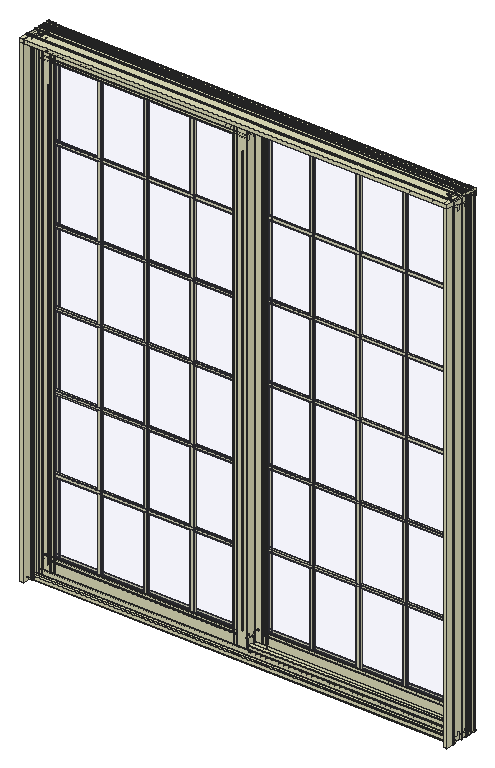
Revit family (continued)
Automatic sketch dimensions
  Opening 1 sketch curve to level = 0' - 0"
  Opening 1 sketch curve to plane 3 "Left" = 0' - 0"
  Opening 1 sketch curve to plane 4 "Right" = 0' - 0"
  Opening 1 sketch curve to plane 6 "Head" = 0' - 0"
  Sweep 1 sketch curve to level = 0' - 0"
  Sweep 1 sketch curve to plane 6 "Head" = 0' - 0"
  Sweep 1 sketch curve to Sweep 1 sketch curve = 0' - 0"  (x22)
  Sweep 1 sketch curve to profile plane = 0' - 0"  (x4)
  profile plane to Sweep 1 sketch curve = 0' - 0.02"  (x2)
  profile plane to Sweep 1 sketch curve = 0' - 0.025"
  profile plane to Sweep 1 sketch curve = 0' - 0.02858"
  profile plane to Sweep 1 sketch curve = 0' - 0.03318"  (x2)
  Sweep 1 sketch curve to Sweep 1 sketch curve = 0' - 0.01249"
  profile plane to Sweep 1 sketch curve = 0' - 0.04108"  (x3)
  Sweep 1 sketch curve to Sweep 1 sketch curve = 0' - 0.045"  (x15)
  Sweep 1 sketch curve to Sweep 1 sketch curve = 0' - 0 1/256"  (x7)
  Sweep 1 sketch curve to Sweep 1 sketch curve = 0' - 0.028"  (x4)
  Sweep 1 sketch curve to Sweep 1 sketch curve = 0' - 0.002"  (x2)
  Sweep 1 sketch curve to Sweep 1 sketch curve = 0' - 0.004"  (x2)
  profile plane to Sweep 1 sketch curve = 0' - 0.055"
  profile plane to Sweep 1 sketch curve = 0' - 0.075"
  Sweep 1 sketch curve to Sweep 1 sketch curve = 0' - 0.025"
  profile plane to Sweep 1 sketch curve = 0' - 0.08"  (x3)
  Sweep 1 sketch curve to Sweep 1 sketch curve = 0' - 0.00636"
  Sweep 1 sketch curve to Sweep 1 sketch curve = 0' - 0.015"  (x3)
  Sweep 1 sketch curve to plane 10 "Set Back" = 0' - 0"
  profile plane to Sweep 1 sketch curve = 0' - 0.095"
  Sweep 1 sketch curve to Sweep 1 sketch curve = 0' - 0.06392"  (x3)
  Sweep 1 sketch curve to Sweep 1 sketch curve = 0' - 0.03661"  (x3)
  Sweep 1 sketch curve to Sweep 1 sketch curve = 0' - 0.01962"  (x2)
  Sweep 1 sketch curve to Sweep 1 sketch curve = 0' - 0.035"
  Sweep 1 sketch curve to Sweep 1 sketch curve = 0' - 0.01197"
  Sweep 1 sketch curve to Sweep 1 sketch curve = 0' - 0.03"  (x7)
  Sweep 1 sketch curve to Sweep 1 sketch curve = 0' - 0.493"
  Sweep 1 sketch curve to Sweep 1 sketch curve = 0' - 0.08"  (x8)
  Sweep 1 sketch curve to Sweep 1 sketch curve = 0' - 0.666"
  Sweep 1 sketch curve to Sweep 1 sketch curve = 0' - 0.08839"
  Sweep 1 sketch curve to Sweep 1 sketch curve = 0' - 0 1/8"
  Sweep 1 sketch curve to Sweep 1 sketch curve = 0' - 0.12839"  (x2)
  Sweep 1 sketch curve to Sweep 1 sketch curve = 0' - 0.00068"  (x2)
  Sweep 1 sketch curve to Sweep 1 sketch curve = 0' - 0.056"
  Sweep 1 sketch curve to Sweep 1 sketch curve = 0' - 0.01318"  (x3)
  Sweep 1 sketch curve to Sweep 1 sketch curve = 0' - 0.03182"  (x2)
  plane 10 "Set Back" to Sweep 1 sketch curve = 0' - 0 1/8"
  Sweep 1 sketch curve to Sweep 1 sketch curve = 0' - 0.15813"
  Sweep 1 sketch curve to Sweep 1 sketch curve = 0' - 0.05657"
  Sweep 1 sketch curve to Sweep 1 sketch curve = 0' - 0.05725"
  Sweep 1 sketch curve to Sweep 1 sketch curve = 0' - 0.03248"
  Sweep 1 sketch curve to Sweep 1 sketch curve = 0' - 0.00895"
  Sweep 1 sketch curve to Sweep 1 sketch curve = 0' - 0.08027"
  Sweep 1 sketch curve to Sweep 1 sketch curve = 0' - 0.07899"
  Sweep 1 sketch curve to Sweep 1 sketch curve = 0' - 0.07973"
  Sweep 1 sketch curve to Sweep 1 sketch curve = 0' - 0.07727"
  Sweep 1 sketch curve to Sweep 1 sketch curve = 0' - 0.199"
  Sweep 1 sketch curve to Sweep 1 sketch curve = 0' - 0.0545"
  Sweep 1 sketch curve to Sweep 1 sketch curve = 0' - 0.37912"
  Sweep 1 sketch curve to Sweep 1 sketch curve = 0' - 0.02"  (x3)
  Sweep 1 sketch curve to Sweep 1 sketch curve = 0' - 0.478"
  Sweep 1 sketch curve to Sweep 1 sketch curve = 0' - 0.04"  (x3)
  Sweep 1 sketch curve to Sweep 1 sketch curve = 0' - 0.095"
  plane 10 "Set Back" to Sweep 1 sketch curve = 0' - 0.04498"
  plane 10 "Set Back" to Sweep 1 sketch curve = 0' - 0.06569"
  Sweep 1 sketch curve to Sweep 1 sketch curve = 0' - 0.12958"  (x2)
  Sweep 1 sketch curve to Sweep 1 sketch curve = 0' - 0.042"
  Sweep 1 sketch curve to Sweep 1 sketch curve = 0' - 0.37691"
  Sweep 1 sketch curve to Sweep 1 sketch curve = 0' - 0.08021"
  Sweep 1 sketch curve to Sweep 1 sketch curve = 0' - 0.06036"  (x2)
  Sweep 1 sketch curve to Sweep 1 sketch curve = 0' - 0.35014"
  Sweep 1 sketch curve to Sweep 1 sketch curve = 0' - 0.08379"
  Sweep 1 sketch curve to Sweep 1 sketch curve = 0' - 0.05867"
  Sweep 1 sketch curve to Sweep 1 sketch curve = 0' - 0.01736"
  Sweep 1 sketch curve to Sweep 1 sketch curve = 0' - 0.02105"
  Sweep 1 sketch curve to Sweep 1 sketch curve = 0' - 0.05236"
  Sweep 1 sketch curve to Sweep 1 sketch curve = 0' - 0.107"
  Sweep 1 sketch curve to Sweep 1 sketch curve = 0' - 0.06753"  (x2)
  Sweep 1 sketch curve to Sweep 1 sketch curve = 0' - 0.00594"  (x3)
  Sweep 1 sketch curve to Sweep 1 sketch curve = 0' - 0.076"  (x2)
  Sweep 1 sketch curve to Sweep 1 sketch curve = 0' - 0.69828"
  Sweep 1 sketch curve to Sweep 1 sketch curve = 0' - 1.189"
  Sweep 1 sketch curve to Sweep 1 sketch curve = 0' - 0.01299"
  Sweep 1 sketch curve to Sweep 1 sketch curve = 0' - 0.05"
  Sweep 1 sketch curve to Sweep 1 sketch curve = 0' - 0.06328"
  Sweep 1 sketch curve to Sweep 1 sketch curve = 0' - 0.05989"
  Sweep 1 sketch curve to Sweep 1 sketch curve = 0' - 0.01261"
  Sweep 1 sketch curve to Sweep 1 sketch curve = 0' - 0.28645"
  Sweep 1 sketch curve to Sweep 1 sketch curve = 0' - 0.00343"
  Sweep 1 sketch curve to Sweep 1 sketch curve = 0' - 0.02142"
  Sweep 1 sketch curve to Sweep 1 sketch curve = 0' - 0.101"
  Sweep 1 sketch curve to Sweep 1 sketch curve = 0' - 0.05921"
  Sweep 2 sketch curve to level = 0' - 0"
  Sweep 2 sketch curve to plane 6 "Head" = 0' - 0"
  Sweep 2 sketch curve to Sweep 2 sketch curve = 0' - 0"  (x21)
  Sweep 2 sketch curve to profile plane = 0' - 0"  (x4)
  Sweep 2 sketch curve to profile plane = 0' - 0.02"  (x2)
  Sweep 2 sketch curve to profile plane = 0' - 0.025"
  Sweep 2 sketch curve to profile plane = 0' - 0.02858"
  Sweep 2 sketch curve to profile plane = 0' - 0.03318"  (x2)
  Sweep 2 sketch curve to profile plane = 0' - 0.04108"  (x3)
  Sweep 2 sketch curve to Sweep 2 sketch curve = 0' - 0.01249"
  Sweep 2 sketch curve to Sweep 2 sketch curve = 0' - 0 1/256"  (x7)
  Sweep 2 sketch curve to Sweep 2 sketch curve = 0' - 0.045"  (x12)
  Sweep 2 sketch curve to Sweep 2 sketch curve = 0' - 0.028"  (x4)
  Sweep 2 sketch curve to Sweep 2 sketch curve = 0' - 0.002"  (x2)
  Sweep 2 sketch curve to Sweep 2 sketch curve = 0' - 0.004"  (x2)
  Sweep 2 sketch curve to profile plane = 0' - 0.055"
  Sweep 2 sketch curve to Sweep 2 sketch curve = 0' - 0.03182"  (x4)
  Sweep 2 sketch curve to profile plane = 0' - 0.075"
  Sweep 2 sketch curve to profile plane = 0' - 0.08"  (x3)
  Sweep 2 sketch curve to Sweep 2 sketch curve = 0' - 0.025"
  Sweep 2 sketch curve to Sweep 2 sketch curve = 0' - 0.00636"
  Sweep 2 sketch curve to Sweep 2 sketch curve = 0' - 0.015"  (x2)
  Sweep 2 sketch curve to profile plane = 0' - 0.095"  (x2)
  Sweep 2 sketch curve to plane 10 "Set Back" = 0' - 0"
  Sweep 2 sketch curve to Sweep 2 sketch curve = 0' - 0.06392"  (x3)
  Sweep 2 sketch curve to Sweep 2 sketch curve = 0' - 0.03661"  (x3)
  Sweep 2 sketch curve to Sweep 2 sketch curve = 0' - 0.01962"  (x2)
  Sweep 2 sketch curve to Sweep 2 sketch curve = 0' - 0.035"
  Sweep 2 sketch curve to Sweep 2 sketch curve = 0' - 0.01197"
  Sweep 2 sketch curve to Sweep 2 sketch curve = 0' - 0.03"  (x7)
  Sweep 2 sketch curve to Sweep 2 sketch curve = 0' - 0.493"
  Sweep 2 sketch curve to Sweep 2 sketch curve = 0' - 0.583"
  Sweep 2 sketch curve to Sweep 2 sketch curve = 0' - 0.08"  (x9)
  Sweep 2 sketch curve to Sweep 2 sketch curve = 0' - 0.666"
  Sweep 2 sketch curve to Sweep 2 sketch curve = 0' - 0 1/8"  (x2)
  Sweep 2 sketch curve to Sweep 2 sketch curve = 0' - 0.12839"  (x2)
  Sweep 2 sketch curve to Sweep 2 sketch curve = 0' - 0.00068"  (x2)
  Sweep 2 sketch curve to Sweep 2 sketch curve = 0' - 0.056"
  Sweep 2 sketch curve to Sweep 2 sketch curve = 0' - 0.01318"  (x3)
  plane 10 "Set Back" to Sweep 2 sketch curve = 0' - 0 1/8"
  Sweep 2 sketch curve to Sweep 2 sketch curve = 0' - 0.15813"
  Sweep 2 sketch curve to Sweep 2 sketch curve = 0' - 0.05657"
  Sweep 2 sketch curve to Sweep 2 sketch curve = 0' - 0.05725"
  Sweep 2 sketch curve to Sweep 2 sketch curve = 0' - 0.03248"
  Sweep 2 sketch curve to Sweep 2 sketch curve = 0' - 0.00895"
  Sweep 2 sketch curve to Sweep 2 sketch curve = 0' - 0.08027"
  Sweep 2 sketch curve to Sweep 2 sketch curve = 0' - 0.07899"
  Sweep 2 sketch curve to Sweep 2 sketch curve = 0' - 0.07973"
  Sweep 2 sketch curve to Sweep 2 sketch curve = 0' - 0.07727"
  Sweep 2 sketch curve to Sweep 2 sketch curve = 0' - 0.199"
  Sweep 2 sketch curve to Sweep 2 sketch curve = 0' - 0.0545"
  plane 10 "Set Back" to Sweep 2 sketch curve = 0' - 0.31898"
  Sweep 2 sketch curve to Sweep 2 sketch curve = 0' - 0.37912"
  Sweep 2 sketch curve to Sweep 2 sketch curve = 0' - 0.02"  (x3)
  Sweep 2 sketch curve to Sweep 2 sketch curve = 0' - 0.478"
  Sweep 2 sketch curve to Sweep 2 sketch curve = 0' - 0.04"  (x3)
  Sweep 2 sketch curve to Sweep 2 sketch curve = 0' - 0.095"
  plane 10 "Set Back" to Sweep 2 sketch curve = 0' - 0.04498"
  plane 10 "Set Back" to Sweep 2 sketch curve = 0' - 0.06569"
  Sweep 2 sketch curve to Sweep 2 sketch curve = 0' - 0.12958"  (x2)
  Sweep 2 sketch curve to Sweep 2 sketch curve = 0' - 0.37691"
  Sweep 2 sketch curve to Sweep 2 sketch curve = 0' - 0.08021"
  Sweep 2 sketch curve to Sweep 2 sketch curve = 0' - 0.06036"  (x2)
  Sweep 2 sketch curve to Sweep 2 sketch curve = 0' - 0.35014"
  Sweep 2 sketch curve to Sweep 2 sketch curve = 0' - 0.08379"
  Sweep 2 sketch curve to Sweep 2 sketch curve = 0' - 0.05867"
  Sweep 2 sketch curve to Sweep 2 sketch curve = 0' - 0.01736"
  Sweep 2 sketch curve to Sweep 2 sketch curve = 0' - 0.02105"
  Sweep 2 sketch curve to Sweep 2 sketch curve = 0' - 0.05236"
  Sweep 2 sketch curve to Sweep 2 sketch curve = 0' - 0.107"
  Sweep 2 sketch curve to Sweep 2 sketch curve = 0' - 0.06753"  (x2)
  Sweep 2 sketch curve to Sweep 2 sketch curve = 0' - 0.00594"  (x3)
  Sweep 2 sketch curve to Sweep 2 sketch curve = 0' - 0.076"  (x2)
  Sweep 2 sketch curve to Sweep 2 sketch curve = 0' - 0.69828"
  Sweep 2 sketch curve to Sweep 2 sketch curve = 0' - 1.189"
  Sweep 2 sketch curve to Sweep 2 sketch curve = 0' - 0.01299"
  Sweep 2 sketch curve to Sweep 2 sketch curve = 0' - 0.05"
  Sweep 2 sketch curve to Sweep 2 sketch curve = 0' - 0.06328"
  Sweep 2 sketch curve to Sweep 2 sketch curve = 0' - 0.05989"
  Sweep 2 sketch curve to Sweep 2 sketch curve = 0' - 0.01261"
  Sweep 2 sketch curve to Sweep 2 sketch curve = 0' - 0.28645"
  Sweep 2 sketch curve to Sweep 2 sketch curve = 0' - 0.00343"
  Sweep 2 sketch curve to Sweep 2 sketch curve = 0' - 0.02142"
  Sweep 2 sketch curve to Sweep 2 sketch curve = 0' - 0.101"
  Sweep 2 sketch curve to Sweep 2 sketch curve = 0' - 0.05921"
  Sweep 3 sketch curve to plane 3 "Left" = 0' - 0"
  Sweep 3 sketch curve to plane 4 "Right" = 0' - 0"
  Sweep 3 sketch curve to Sweep 3 sketch curve = 0' - 0"  (x21)
  Sweep 3 sketch curve to profile plane = 0' - 0"  (x4)
  Sweep 3 sketch curve to profile plane = 0' - 0.02"  (x2)
  Sweep 3 sketch curve to profile plane = 0' - 0.025"
  Sweep 3 sketch curve to profile plane = 0' - 0.02858"
  Sweep 3 sketch curve to profile plane = 0' - 0.03318"  (x2)
  Sweep 3 sketch curve to profile plane = 0' - 0.04108"  (x3)
  Sweep 3 sketch curve to Sweep 3 sketch curve = 0' - 0.01249"
  Sweep 3 sketch curve to Sweep 3 sketch curve = 0' - 0.045"  (x12)
  Sweep 3 sketch curve to profile plane = 0' - 0.045"  (x3)
  Sweep 3 sketch curve to Sweep 3 sketch curve = 0' - 0.028"  (x4)
  Sweep 3 sketch curve to Sweep 3 sketch curve = 0' - 0.002"  (x2)
  Sweep 3 sketch curve to Sweep 3 sketch curve = 0' - 0.004"  (x2)
  Sweep 3 sketch curve to profile plane = 0' - 0.055"
  Sweep 3 sketch curve to Sweep 3 sketch curve = 0' - 0.03182"  (x4)
  Sweep 3 sketch curve to profile plane = 0' - 0.075"
  Sweep 3 sketch curve to profile plane = 0' - 0.08"  (x3)
  Sweep 3 sketch curve to Sweep 3 sketch curve = 0' - 0.025"
  Sweep 3 sketch curve to Sweep 3 sketch curve = 0' - 0.00636"
  Sweep 3 sketch curve to Sweep 3 sketch curve = 0' - 0.015"  (x2)
  Sweep 3 sketch curve to profile plane = 0' - 0.095"  (x2)
  Sweep 3 sketch curve to plane 10 "Set Back" = 0' - 0"
  Sweep 3 sketch curve to Sweep 3 sketch curve = 0' - 0.06392"  (x3)
  Sweep 3 sketch curve to Sweep 3 sketch curve = 0' - 0 1/256"  (x4)
  Sweep 3 sketch curve to Sweep 3 sketch curve = 0' - 0.03661"  (x3)
  Sweep 3 sketch curve to Sweep 3 sketch curve = 0' - 0.01962"  (x2)
  Sweep 3 sketch curve to Sweep 3 sketch curve = 0' - 0.035"
  Sweep 3 sketch curve to Sweep 3 sketch curve = 0' - 0.01197"
  Sweep 3 sketch curve to Sweep 3 sketch curve = 0' - 0.03"  (x7)
  Sweep 3 sketch curve to Sweep 3 sketch curve = 0' - 0.493"
  Sweep 3 sketch curve to Sweep 3 sketch curve = 0' - 0.583"
  Sweep 3 sketch curve to Sweep 3 sketch curve = 0' - 0.08"  (x9)
  Sweep 3 sketch curve to Sweep 3 sketch curve = 0' - 0.666"
  Sweep 3 sketch curve to Sweep 3 sketch curve = 0' - 0 1/8"
  Sweep 3 sketch curve to Sweep 3 sketch curve = 0' - 0.08839"
  Sweep 3 sketch curve to Sweep 3 sketch curve = 0' - 0.12839"  (x2)
  Sweep 3 sketch curve to Sweep 3 sketch curve = 0' - 0.00068"  (x2)
  Sweep 3 sketch curve to Sweep 3 sketch curve = 0' - 0.056"
  Sweep 3 sketch curve to Sweep 3 sketch curve = 0' - 0.01318"  (x3)
  plane 10 "Set Back" to Sweep 3 sketch curve = 0' - 0 1/8"
  Sweep 3 sketch curve to Sweep 3 sketch curve = 0' - 0.15813"
  Sweep 3 sketch curve to Sweep 3 sketch curve = 0' - 0.05657"
  Sweep 3 sketch curve to Sweep 3 sketch curve = 0' - 0.05725"
  Sweep 3 sketch curve to Sweep 3 sketch curve = 0' - 0.03248"
  Sweep 3 sketch curve to Sweep 3 sketch curve = 0' - 0.00895"
  Sweep 3 sketch curve to Sweep 3 sketch curve = 0' - 0.08027"
  Sweep 3 sketch curve to Sweep 3 sketch curve = 0' - 0.07899"
  Sweep 3 sketch curve to Sweep 3 sketch curve = 0' - 0.07973"
  Sweep 3 sketch curve to Sweep 3 sketch curve = 0' - 0.07727"
  Sweep 3 sketch curve to Sweep 3 sketch curve = 0' - 0.199"
  Sweep 3 sketch curve to Sweep 3 sketch curve = 0' - 0.0545"
  plane 10 "Set Back" to Sweep 3 sketch curve = 0' - 0.31898"
  Sweep 3 sketch curve to Sweep 3 sketch curve = 0' - 0.37912"
  Sweep 3 sketch curve to Sweep 3 sketch curve = 0' - 0.02"  (x3)
  Sweep 3 sketch curve to Sweep 3 sketch curve = 0' - 0.478"
  Sweep 3 sketch curve to Sweep 3 sketch curve = 0' - 0.04"  (x3)
  Sweep 3 sketch curve to Sweep 3 sketch curve = 0' - 0.095"
  plane 10 "Set Back" to Sweep 3 sketch curve = 0' - 0.04498"
  plane 10 "Set Back" to Sweep 3 sketch curve = 0' - 0.06569"
  Sweep 3 sketch curve to Sweep 3 sketch curve = 0' - 0.12958"  (x2)
  Sweep 3 sketch curve to Sweep 3 sketch curve = 0' - 0.37691"
  Sweep 3 sketch curve to Sweep 3 sketch curve = 0' - 0.08021"
  Sweep 3 sketch curve to Sweep 3 sketch curve = 0' - 0.06036"  (x2)
  Sweep 3 sketch curve to Sweep 3 sketch curve = 0' - 0.35014"
  Sweep 3 sketch curve to Sweep 3 sketch curve = 0' - 0.08379"
  Sweep 3 sketch curve to Sweep 3 sketch curve = 0' - 0.05867"
  Sweep 3 sketch curve to Sweep 3 sketch curve = 0' - 0.01736"
  Sweep 3 sketch curve to Sweep 3 sketch curve = 0' - 0.02105"
  Sweep 3 sketch curve to Sweep 3 sketch curve = 0' - 0.05236"
  Sweep 3 sketch curve to Sweep 3 sketch curve = 0' - 0.107"
  Sweep 3 sketch curve to Sweep 3 sketch curve = 0' - 0.06753"  (x2)
  Sweep 3 sketch curve to Sweep 3 sketch curve = 0' - 0.00594"  (x3)
  Sweep 3 sketch curve to Sweep 3 sketch curve = 0' - 0.076"  (x2)
  Sweep 3 sketch curve to Sweep 3 sketch curve = 0' - 0.69828"
  Sweep 3 sketch curve to Sweep 3 sketch curve = 0' - 1.189"
  Sweep 3 sketch curve to Sweep 3 sketch curve = 0' - 0.01299"
  Sweep 3 sketch curve to Sweep 3 sketch curve = 0' - 0.05"
  Sweep 3 sketch curve to Sweep 3 sketch curve = 0' - 0.06328"
  Sweep 3 sketch curve to Sweep 3 sketch curve = 0' - 0.05989"
  Sweep 3 sketch curve to Sweep 3 sketch curve = 0' - 0.01261"
  Sweep 3 sketch curve to Sweep 3 sketch curve = 0' - 0.28645"
  Sweep 3 sketch curve to Sweep 3 sketch curve = 0' - 0.00343"
  Sweep 3 sketch curve to Sweep 3 sketch curve = 0' - 0.02142"
  Sweep 3 sketch curve to Sweep 3 sketch curve = 0' - 0.101"
  Sweep 3 sketch curve to Sweep 3 sketch curve = 0' - 0.05921"
  Sweep 4 sketch curve to plane 3 "Left" = 0' - 0"
  Sweep 4 sketch curve to plane 4 "Right" = 0' - 0"
  Sweep 4 sketch curve to Sweep 4 sketch curve = 0' - 0"  (x15)
  Sweep 4 sketch curve to profile plane = 0' - 0"  (x3)
  profile plane to Sweep 4 sketch curve = 0' - 0.00068"
  profile plane to Sweep 4 sketch curve = 0' - 0.02519"
  profile plane to Sweep 4 sketch curve = 0' - 0.02809"
  profile plane to Sweep 4 sketch curve = 0' - 0.0285"
  profile plane to Sweep 4 sketch curve = 0' - 0.031"
  Sweep 4 sketch curve to Sweep 4 sketch curve = 0' - 0.03092"
  Sweep 4 sketch curve to plane 10 "Set Back" = 0' - 0"
  profile plane to Sweep 4 sketch curve = 0' - 0.06"
  profile plane to Sweep 4 sketch curve = 0' - 0 1/16"
  profile plane to Sweep 4 sketch curve = 0' - 0.0646"
  Sweep 4 sketch curve to Sweep 4 sketch curve = 0' - 0.00364"
  profile plane to Sweep 4 sketch curve = 0' - 0.08644"
  profile plane to Sweep 4 sketch curve = 0' - 0.1027"
  Sweep 4 sketch curve to Sweep 4 sketch curve = 0' - 0.11368"
  Sweep 4 sketch curve to Sweep 4 sketch curve = 0' - 0.0525"
  profile plane to Sweep 4 sketch curve = 0' - 0.12754"
  Sweep 4 sketch curve to Sweep 4 sketch curve = 0' - 0.015"
  Sweep 4 sketch curve to Sweep 4 sketch curve = 0' - 0.07105"
  Sweep 4 sketch curve to Sweep 4 sketch curve = 0' - 0.12484"
  Sweep 4 sketch curve to Sweep 4 sketch curve = 0' - 0.04535"
  Sweep 4 sketch curve to Sweep 4 sketch curve = 0' - 0.03"  (x2)
  Sweep 4 sketch curve to Sweep 4 sketch curve = 0' - 0.00065"
  Sweep 4 sketch curve to Sweep 4 sketch curve = 0' - 0.05985"
  Sweep 4 sketch curve to Sweep 4 sketch curve = 0' - 0.14129"
  Sweep 4 sketch curve to Sweep 4 sketch curve = 0' - 0 41/256"
  Sweep 4 sketch curve to Sweep 4 sketch curve = 0' - 0.14908"
  profile plane to Sweep 4 sketch curve = 0' - 0.36"
  Sweep 4 sketch curve to Sweep 4 sketch curve = 0' - 0.1247"
  Sweep 4 sketch curve to Sweep 4 sketch curve = 0' - 0.115"  (x3)
  Sweep 4 sketch curve to Sweep 4 sketch curve = 0' - 0.24939"
  Sweep 4 sketch curve to Sweep 4 sketch curve = 0' - 0.045"  (x4)
  Sweep 4 sketch curve to Sweep 4 sketch curve = 0' - 0.0437"
  Sweep 4 sketch curve to Sweep 4 sketch curve = 0' - 0.11466"
  Sweep 4 sketch curve to Sweep 4 sketch curve = 0' - 0.00793"
  Sweep 4 sketch curve to Sweep 4 sketch curve = 0' - 0.09078"
  Sweep 4 sketch curve to Sweep 4 sketch curve = 0' - 0.04707"
  Sweep 4 sketch curve to Sweep 4 sketch curve = 0' - 0.05472"
  Sweep 4 sketch curve to Sweep 4 sketch curve = 0' - 0.02893"  (x4)
  Sweep 4 sketch curve to Sweep 4 sketch curve = 0' - 0.03741"
  Sweep 4 sketch curve to Sweep 4 sketch curve = 0' - 0.00943"
  Sweep 4 sketch curve to Sweep 4 sketch curve = 0' - 0.02615"  (x2)
  Sweep 4 sketch curve to Sweep 4 sketch curve = 0' - 0.02355"  (x2)
  Sweep 4 sketch curve to Sweep 4 sketch curve = 0' - 0.195"
  Sweep 4 sketch curve to Sweep 4 sketch curve = 0' - 0.555"
  Sweep 4 sketch curve to Sweep 4 sketch curve = 0' - 0.07311"
  Sweep 4 sketch curve to Sweep 4 sketch curve = 0' - 0.035"  (x3)
  Sweep 4 sketch curve to Sweep 4 sketch curve = 0' - 0.01"
  Sweep 4 sketch curve to Sweep 4 sketch curve = 0' - 0.29821"
  Sweep 4 sketch curve to Sweep 4 sketch curve = 0' - 0.32"
  Sweep 4 sketch curve to Sweep 4 sketch curve = 0' - 0.00069"
  Sweep 4 sketch curve to Sweep 4 sketch curve = 0' - 0.0147"
  Sweep 4 sketch curve to Sweep 4 sketch curve = 0' - 0.06236"
  Sweep 4 sketch curve to Sweep 4 sketch curve = 0' - 0.07966"
  Sweep 4 sketch curve to Sweep 4 sketch curve = 0' - 0.08"  (x2)
  Sweep 4 sketch curve to Sweep 4 sketch curve = 0' - 0 1/8"  (x2)
  Sweep 4 sketch curve to Sweep 4 sketch curve = 0' - 0.276"
  Sweep 4 sketch curve to Sweep 4 sketch curve = 0' - 0.01434"
  Sweep 4 sketch curve to Sweep 4 sketch curve = 0' - 0.02383"
  Sweep 4 sketch curve to Sweep 4 sketch curve = 0' - 0.03817"
  plane 10 "Set Back" to Sweep 4 sketch curve = 0' - 0.05579"
  Sweep 4 sketch curve to Sweep 4 sketch curve = 0' - 0.159"
  Sweep 4 sketch curve to Sweep 4 sketch curve = 0' - 0.51894"
  Sweep 4 sketch curve to Sweep 4 sketch curve = 0' - 0.01744"
  Sweep 4 sketch curve to Sweep 4 sketch curve = 0' - 0.12986"
  Sweep 4 sketch curve to Sweep 4 sketch curve = 0' - 0.02582"
  Sweep 4 sketch curve to Sweep 4 sketch curve = 0' - 0.02194"
  Sweep 4 sketch curve to Sweep 4 sketch curve = 0' - 0.1027"
  Sweep 4 sketch curve to Sweep 4 sketch curve = 0' - 0 1/16"
  Sweep 4 sketch curve to Sweep 4 sketch curve = 0' - 0.01053"
  Sweep 4 sketch curve to Sweep 4 sketch curve = 0' - 0.12754"
  Sweep 4 sketch curve to Sweep 4 sketch curve = 0' - 0.205"
  Sweep 4 sketch curve to Sweep 4 sketch curve = 0' - 0.20206"
  Sweep 4 sketch curve to Sweep 4 sketch curve = 0' - 0.00872"
  Sweep 4 sketch curve to Sweep 4 sketch curve = 0' - 0.01484"
  Sweep 4 sketch curve to Sweep 4 sketch curve = 0' - 0.00965"
  Sweep 4 sketch curve to Sweep 4 sketch curve = 0' - 0.0451"
  Sweep 4 sketch curve to Sweep 4 sketch curve = 0' - 0.11692"
  Sweep 4 sketch curve to Sweep 4 sketch curve = 0' - 0.03975"
  Sweep 4 sketch curve to Sweep 4 sketch curve = 0' - 0.15242"
  Sweep 4 sketch curve to Sweep 4 sketch curve = 0' - 0.0575"
  Sweep 4 sketch curve to Sweep 4 sketch curve = 0' - 1.148"
  Sweep 4 sketch curve to Sweep 4 sketch curve = 0' - 0.02979"
  Sweep 4 sketch curve to Sweep 4 sketch curve = 0' - 0.179"
  Sweep 4 sketch curve to Sweep 4 sketch curve = 0' - 0.37"
  Sweep 4 sketch curve to Sweep 4 sketch curve = 0' - 0.1325"
  Sweep 5 sketch curve to Sweep 5 sketch curve = 0' - 0"  (x9)
  profile plane to Sweep 5 sketch curve = 0' - 2.40658"
  Sweep 5 sketch curve to Sweep 5 sketch curve = 0' - 0.01654"
  Sweep 5 sketch curve to Sweep 5 sketch curve = 0' - 0.02248"
  Sweep 5 sketch curve to Sweep 5 sketch curve = 0' - 0.03346"
  Sweep 5 sketch curve to Sweep 5 sketch curve = 0' - 0.02"
  Sweep 5 sketch curve to Sweep 5 sketch curve = 0' - 0.01"  (x2)
  Sweep 5 sketch curve to Sweep 5 sketch curve = 0' - 0.01189"
  Sweep 5 sketch curve to Sweep 5 sketch curve = 0' - 0.40886"
  Sweep 5 sketch curve to Sweep 5 sketch curve = 0' - 0.02914"
  Sweep 5 sketch curve to Sweep 5 sketch curve = 0' - 0.05214"
  Sweep 5 sketch curve to Sweep 5 sketch curve = 0' - 0.045"  (x4)
  Sweep 5 sketch curve to Sweep 5 sketch curve = 0' - 0.0542"
  Sweep 5 sketch curve to Sweep 5 sketch curve = 0' - 0.0639"
  Sweep 5 sketch curve to Sweep 5 sketch curve = 0' - 0.07"
  Sweep 5 sketch curve to Sweep 5 sketch curve = 0' - 0.00938"
  Sweep 5 sketch curve to Sweep 5 sketch curve = 0' - 0.03372"
  Sweep 5 sketch curve to Sweep 5 sketch curve = 0' - 0.01167"
  plane 10 "Set Back" to Sweep 5 sketch curve = 0' - 0.5443"
  Sweep 5 sketch curve to Sweep 5 sketch curve = 0' - 0.00838"
  Sweep 5 sketch curve to Sweep 5 sketch curve = 0' - 0.04108"
  Sweep 5 sketch curve to Sweep 5 sketch curve = 0' - 0.13703"
  Sweep 5 sketch curve to Sweep 5 sketch curve = 0' - 0.00592"
  plane 10 "Set Back" to Sweep 5 sketch curve = 0' - 0.70907"
  Sweep 5 sketch curve to Sweep 5 sketch curve = 0' - 0.00324"
  Sweep 5 sketch curve to Sweep 5 sketch curve = 0' - 0.01591"
  Sweep 5 sketch curve to Sweep 5 sketch curve = 0' - 0.0615"
  Sweep 5 sketch curve to Sweep 5 sketch curve = 0' - 0.02759"
  profile plane to Sweep 5 sketch curve = 0' - 0.00572"
  profile plane to Sweep 5 sketch curve = 0' - 0.00567"  (x2)
  profile plane to Sweep 5 sketch curve = 0' - 0.0017"
  Sweep 5 sketch curve to profile plane = 0' - 0.03933"
  Sweep 5 sketch curve to Sweep 5 sketch curve = 0' - 0.05508"  (x2)
  Sweep 5 sketch curve to Sweep 5 sketch curve = 0' - 0.07737"
  Sweep 5 sketch curve to Sweep 5 sketch curve = 0' - 0.02705"
  Sweep 5 sketch curve to Sweep 5 sketch curve = 0' - 0.03736"
  Sweep 5 sketch curve to Sweep 5 sketch curve = 0' - 0.00572"
  Sweep 5 sketch curve to Sweep 5 sketch curve = 0' - 0.1262"
  Sweep 5 sketch curve to Sweep 5 sketch curve = 0' - 0.01865"
  Sweep 5 sketch curve to Sweep 5 sketch curve = 0' - 0.79144"
  Sweep 5 sketch curve to Sweep 5 sketch curve = 0' - 0.011"
  Sweep 6 sketch curve to plane 16 "Sill (Interior)" = 0' - 0"
  Sweep 6 sketch curve to plane 15 "Head (Interior)" = 0' - 0"
  Sweep 6 sketch curve to Sweep 6 sketch curve = 0' - 0"  (x8)
  plane 10 "Set Back" to Sweep 6 sketch curve = 0' - 0.47887"
  Sweep 6 sketch curve to Sweep 6 sketch curve = 0' - 0.04533"
  Sweep 6 sketch curve to Sweep 6 sketch curve = 0' - 0.00006"
  Sweep 6 sketch curve to Sweep 6 sketch curve = 0' - 0.05523"
  Sweep 6 sketch curve to Sweep 6 sketch curve = 0' - 0.02705"
  Sweep 6 sketch curve to Sweep 6 sketch curve = 0' - 0.04001"
  profile plane to Sweep 6 sketch curve = 0' - 0.03612"
  Sweep 6 sketch curve to Sweep 6 sketch curve = 0' - 0.0449"
  Sweep 6 sketch curve to Sweep 6 sketch curve = 0' - 0.045"  (x4)
  Sweep 6 sketch curve to Sweep 6 sketch curve = 0' - 0.0001"
  Sweep 6 sketch curve to Sweep 6 sketch curve = 0' - 0.03237"
  Sweep 6 sketch curve to Sweep 6 sketch curve = 0' - 0.00572"
  Sweep 6 sketch curve to Sweep 6 sketch curve = 0' - 0.04308"
  Sweep 6 sketch curve to Sweep 6 sketch curve = 0' - 0.1262"
  Sweep 6 sketch curve to Sweep 6 sketch curve = 0' - 0.02214"
  Sweep 6 sketch curve to Sweep 6 sketch curve = 0' - 0.0558"
  Sweep 6 sketch curve to Sweep 6 sketch curve = 0' - 0.05108"
  Sweep 6 sketch curve to Sweep 6 sketch curve = 0' - 0.06973"
  Sweep 6 sketch curve to Sweep 6 sketch curve = 0' - 0.04483"
  Sweep 6 sketch curve to Sweep 6 sketch curve = 0' - 0.79144"
  Sweep 6 sketch curve to Sweep 6 sketch curve = 0' - 0.011"
  Sweep 6 sketch curve to Sweep 6 sketch curve = 0' - 0.00311"
  Sweep 6 sketch curve to Sweep 6 sketch curve = 0' - 0.02"
  Sweep 6 sketch curve to Sweep 6 sketch curve = 0' - 0.01189"  (x2)
  Sweep 6 sketch curve to profile plane = 0' - 0.00892"
  Sweep 6 sketch curve to Sweep 6 sketch curve = 0' - 1.06076"
  Sweep 6 sketch curve to Sweep 6 sketch curve = 0' - 0.075"
  Sweep 6 sketch curve to Sweep 6 sketch curve = 0' - 0.07"
  Sweep 6 sketch curve to Sweep 6 sketch curve = 0' - 0.01664"
  Sweep 6 sketch curve to Sweep 6 sketch curve = 0' - 0.055"
  Sweep 6 sketch curve to Sweep 6 sketch curve = 0' - 1.44291"
  Sweep 6 sketch curve to Sweep 6 sketch curve = 0' - 0.02759"
  Sweep 6 sketch curve to Sweep 6 sketch curve = 0' - 0.01591"
  Sweep 6 sketch curve to Sweep 6 sketch curve = 0' - 0.00592"
  Sweep 6 sketch curve to Sweep 6 sketch curve = 0' - 0.13915"
  Sweep 6 sketch curve to Sweep 6 sketch curve = 0' - 0.13703"
  Sweep 6 sketch curve to Sweep 6 sketch curve = 0' - 0.00838"
  Sweep 6 sketch curve to Sweep 6 sketch curve = 0' - 0.00938"
  Sweep 6 sketch curve to Sweep 6 sketch curve = 0' - 0.04718"
  Sweep 6 sketch curve to Sweep 6 sketch curve = 0' - 0.39697"
  Sweep 6 sketch curve to Sweep 6 sketch curve = 0' - 0.01099"
  Sweep 6 sketch curve to Sweep 6 sketch curve = 0' - 0.03346"
  profile plane to Sweep 6 sketch curve = 0' - 0.03211"
  Sweep 7 sketch curve to plane 12 "Right Sash" = 0' - 0"
  plane 10 "Set Back" to Sweep 7 sketch curve = 0' - 0.53818"
  profile plane to Sweep 7 sketch curve = 0' - 2.40621"
  Sweep 7 sketch curve to Sweep 7 sketch curve = 0' - 0.01989"
  Sweep 7 sketch curve to Sweep 7 sketch curve = 0' - 0.00455"
  Sweep 7 sketch curve to Sweep 7 sketch curve = 0' - 0.00601"
  Sweep 7 sketch curve to Sweep 7 sketch curve = 0' - 0.01672"
  Sweep 7 sketch curve to Sweep 7 sketch curve = 0' - 0.02808"
  Sweep 7 sketch curve to Sweep 7 sketch curve = 0' - 0.48261"
  Sweep 7 sketch curve to Sweep 7 sketch curve = 0' - 0.0188"
  Sweep 7 sketch curve to Sweep 7 sketch curve = 0' - 0.0504"
  Sweep 7 sketch curve to Sweep 7 sketch curve = 0' - 0.0291"
  Sweep 7 sketch curve to Sweep 7 sketch curve = 0' - 0"
  Sweep 7 sketch curve to Sweep 7 sketch curve = 0' - 0.02838"
  plane 10 "Set Back" to Sweep 7 sketch curve = 0' - 0.61319"
  Sweep 7 sketch curve to Sweep 7 sketch curve = 0' - 0.01156"
  Sweep 7 sketch curve to Sweep 7 sketch curve = 0' - 0.11194"
  Sweep 7 sketch curve to Sweep 7 sketch curve = 0' - 0.00625"
  plane 10 "Set Back" to Sweep 7 sketch curve = 0' - 0.61811"
  Sweep 7 sketch curve to Sweep 7 sketch curve = 0' - 0.01066"
  Sweep 7 sketch curve to Sweep 7 sketch curve = 0' - 0.01042"
  Sweep 7 sketch curve to Sweep 7 sketch curve = 0' - 0.01431"
  Sweep 7 sketch curve to Sweep 7 sketch curve = 0' - 0.00002"
  Sweep 7 sketch curve to Sweep 7 sketch curve = 0' - 0.00527"
  Sweep 7 sketch curve to Sweep 7 sketch curve = 0' - 0.02285"
  plane 10 "Set Back" to Sweep 8 sketch curve = 0' - 0.61811"
  Sweep 8 sketch curve to profile plane = 0' - 1.62224"
  Sweep 8 sketch curve to Sweep 8 sketch curve = 0' - 0.01066"
  Sweep 8 sketch curve to Sweep 8 sketch curve = 0' - 0.00625"
  plane 10 "Set Back" to Sweep 8 sketch curve = 0' - 0.61319"
  Sweep 8 sketch curve to Sweep 8 sketch curve = 0' - 0.11819"
  Sweep 8 sketch curve to Sweep 8 sketch curve = 0' - 0.01156"
  Sweep 8 sketch curve to Sweep 8 sketch curve = 0' - 0.02838"
  Sweep 8 sketch curve to Sweep 8 sketch curve = 0' - 0"
  Sweep 8 sketch curve to Sweep 8 sketch curve = 0' - 0.0291"
  Sweep 8 sketch curve to Sweep 8 sketch curve = 0' - 0.0504"
  Sweep 8 sketch curve to Sweep 8 sketch curve = 0' - 0.0188"
  Sweep 8 sketch curve to Sweep 8 sketch curve = 0' - 0.48261"
  Sweep 8 sketch curve to Sweep 8 sketch curve = 0' - 0.02808"
  Sweep 8 sketch curve to Sweep 8 sketch curve = 0' - 0.00616"
  Sweep 8 sketch curve to Sweep 8 sketch curve = 0' - 0.00601"
  Sweep 8 sketch curve to Sweep 8 sketch curve = 0' - 0.01672"
  Sweep 8 sketch curve to Sweep 8 sketch curve = 0' - 0.01989"
  Sweep 8 sketch curve to Sweep 8 sketch curve = 0' - 0.05299"
  Sweep 8 sketch curve to Sweep 8 sketch curve = 0' - 0.00214"
  Sweep 8 sketch curve to Sweep 8 sketch curve = 0' - 0.06055"
  Sweep 8 sketch curve to Sweep 8 sketch curve = 0' - 0.00302"
  Sweep 8 sketch curve to Sweep 8 sketch curve = 0' - 0.00002"
  Sweep 8 sketch curve to Sweep 8 sketch curve = 0' - 0.02285"
  Sweep 9 sketch curve to plane 16 "Sill (Interior)" = 0' - 0"
  Sweep 9 sketch curve to plane 15 "Head (Interior)" = 0' - 0"
  plane 10 "Set Back" to Sweep 9 sketch curve = 0' - 0.49019"
  Sweep 9 sketch curve to Sweep 9 sketch curve = 0' - 0.01431"
  Sweep 9 sketch curve to Sweep 9 sketch curve = 0' - 0.02326"
  Sweep 9 sketch curve to Sweep 9 sketch curve = 0' - 0.01042"
  Sweep 9 sketch curve to Sweep 9 sketch curve = 0' - 0.04995"
  Sweep 9 sketch curve to Sweep 9 sketch curve = 0' - 0.00418"
  Sweep 9 sketch curve to Sweep 9 sketch curve = 0' - 0.00002"
  Sweep 9 sketch curve to Sweep 9 sketch curve = 0' - 0.00527"
  Sweep 9 sketch curve to Sweep 9 sketch curve = 0' - 0.00829"
  Sweep 9 sketch curve to Sweep 9 sketch curve = 0' - 0.01989"
  Sweep 9 sketch curve to Sweep 9 sketch curve = 0' - 0.02006"
  Sweep 9 sketch curve to Sweep 9 sketch curve = 0' - 0.06055"
  Sweep 9 sketch curve to Sweep 9 sketch curve = 0' - 0.00492"
  Sweep 9 sketch curve to Sweep 9 sketch curve = 0' - 0.02285"
  Sweep 9 sketch curve to Sweep 9 sketch curve = 0' - 0.02443"
  profile plane to Sweep 9 sketch curve = 0' - 2.43662"
  Sweep 9 sketch curve to Sweep 9 sketch curve = 0' - 0.00455"
  Sweep 9 sketch curve to Sweep 9 sketch curve = 0' - 0.00601"
  Sweep 9 sketch curve to Sweep 9 sketch curve = 0' - 0.48261"
  Sweep 9 sketch curve to Sweep 9 sketch curve = 0' - 0.0188"
  Sweep 9 sketch curve to Sweep 9 sketch curve = 0' - 0.0291"
  Sweep 9 sketch curve to Sweep 9 sketch curve = 0' - 0"
  Sweep 9 sketch curve to Sweep 9 sketch curve = 0' - 0.11194"
  Sweep 9 sketch curve to Sweep 9 sketch curve = 0' - 0.00625"
  Sweep 10 sketch curve to level = 0' - 0"
  Sweep 10 sketch curve to plane 6 "Head" = 0' - 0"
  Sweep 10 sketch curve to profile plane = 0' - 0"
  Sweep 11 sketch curve to level = 0' - 0"
  Sweep 11 sketch curve to plane 6 "Head" = 0' - 0"
  Sweep 11 sketch curve to profile plane = 0' - 0"
  Sweep 12 sketch curve to plane 3 "Left" = 0' - 0"
  Sweep 12 sketch curve to plane 4 "Right" = 0' - 0"
  Sweep 12 sketch curve to profile plane = 0' - 0"
  Sweep 15 sketch curve to plane 16 "Sill (Interior)" = 0' - 0"
  Sweep 15 sketch curve to plane 15 "Head (Interior)" = 0' - 0"
  Sweep 15 sketch curve to Sweep 15 sketch curve = 0' - 0"  (x9)
  profile plane to Sweep 15 sketch curve = 0' - 2.09696"
  Sweep 15 sketch curve to Sweep 15 sketch curve = 0' - 0.01654"
  Sweep 15 sketch curve to Sweep 15 sketch curve = 0' - 0.03901"
  Sweep 15 sketch curve to Sweep 15 sketch curve = 0' - 0.03346"
  Sweep 15 sketch curve to Sweep 15 sketch curve = 0' - 0.02"
  Sweep 15 sketch curve to Sweep 15 sketch curve = 0' - 0.01"  (x2)
  Sweep 15 sketch curve to Sweep 15 sketch curve = 0' - 0.01189"
  Sweep 15 sketch curve to Sweep 15 sketch curve = 0' - 0.40886"
  Sweep 15 sketch curve to Sweep 15 sketch curve = 0' - 0.02914"
  Sweep 15 sketch curve to Sweep 15 sketch curve = 0' - 0.05214"
  Sweep 15 sketch curve to Sweep 15 sketch curve = 0' - 0.045"  (x5)
  Sweep 15 sketch curve to Sweep 15 sketch curve = 0' - 0.0542"
  Sweep 15 sketch curve to Sweep 15 sketch curve = 0' - 0.0639"
  Sweep 15 sketch curve to Sweep 15 sketch curve = 0' - 0.07"
  Sweep 15 sketch curve to Sweep 15 sketch curve = 0' - 0.00938"
  Sweep 15 sketch curve to Sweep 15 sketch curve = 0' - 0.03372"
  Sweep 15 sketch curve to Sweep 15 sketch curve = 0' - 0.01167"
  plane 10 "Set Back" to Sweep 15 sketch curve = 0' - 0.55131"
  Sweep 15 sketch curve to Sweep 15 sketch curve = 0' - 0.00838"
  Sweep 15 sketch curve to Sweep 15 sketch curve = 0' - 0.04108"
  Sweep 15 sketch curve to Sweep 15 sketch curve = 0' - 0.13703"
  Sweep 15 sketch curve to Sweep 15 sketch curve = 0' - 0.00592"
  plane 10 "Set Back" to Sweep 15 sketch curve = 0' - 0.71608"
  Sweep 15 sketch curve to Sweep 15 sketch curve = 0' - 0.00324"
  Sweep 15 sketch curve to Sweep 15 sketch curve = 0' - 0.01591"
  Sweep 15 sketch curve to Sweep 15 sketch curve = 0' - 0.0615"
  Sweep 15 sketch curve to Sweep 15 sketch curve = 0' - 0.02759"
  Sweep 15 sketch curve to profile plane = 0' - 0.30391"
  Sweep 15 sketch curve to profile plane = 0' - 0.30395"
  Sweep 15 sketch curve to Sweep 15 sketch curve = 0' - 0.00004"
  Sweep 15 sketch curve to Sweep 15 sketch curve = 0' - 0.00397"
  Sweep 15 sketch curve to Sweep 15 sketch curve = 0' - 0.05508"  (x2)
  Sweep 15 sketch curve to Sweep 15 sketch curve = 0' - 0.07737"
  Sweep 15 sketch curve to Sweep 15 sketch curve = 0' - 0.02705"
  Sweep 15 sketch curve to Sweep 15 sketch curve = 0' - 0.03736"
  Sweep 15 sketch curve to Sweep 15 sketch curve = 0' - 0.00572"
  Sweep 15 sketch curve to Sweep 15 sketch curve = 0' - 0.1262"
  Sweep 15 sketch curve to Sweep 15 sketch curve = 0' - 0.01865"
  Sweep 15 sketch curve to Sweep 15 sketch curve = 0' - 0.79144"
  Sweep 15 sketch curve to Sweep 15 sketch curve = 0' - 0.011"
  Sweep 16 sketch curve to plane 16 "Sill (Interior)" = 0' - 0"
  Sweep 16 sketch curve to plane 15 "Head (Interior)" = 0' - 0"
  Sweep 16 sketch curve to Sweep 16 sketch curve = 0' - 0"  (x9)
  profile plane to Sweep 16 sketch curve = 0' - 2.43699"
  Sweep 16 sketch curve to Sweep 16 sketch curve = 0' - 0.01654"
  Sweep 16 sketch curve to Sweep 16 sketch curve = 0' - 0.03901"
  Sweep 16 sketch curve to Sweep 16 sketch curve = 0' - 0.03346"
  Sweep 16 sketch curve to Sweep 16 sketch curve = 0' - 0.02"
  Sweep 16 sketch curve to Sweep 16 sketch curve = 0' - 0.01"  (x2)
  Sweep 16 sketch curve to Sweep 16 sketch curve = 0' - 0.01189"
  Sweep 16 sketch curve to Sweep 16 sketch curve = 0' - 0.40886"
  Sweep 16 sketch curve to Sweep 16 sketch curve = 0' - 0.02914"
  Sweep 16 sketch curve to Sweep 16 sketch curve = 0' - 0.05214"
  Sweep 16 sketch curve to Sweep 16 sketch curve = 0' - 0.045"  (x4)
  Sweep 16 sketch curve to Sweep 16 sketch curve = 0' - 0.0542"
  Sweep 16 sketch curve to Sweep 16 sketch curve = 0' - 0.0639"
  Sweep 16 sketch curve to Sweep 16 sketch curve = 0' - 0.07"
  Sweep 16 sketch curve to Sweep 16 sketch curve = 0' - 0.00938"
  Sweep 16 sketch curve to Sweep 16 sketch curve = 0' - 0.03372"
  Sweep 16 sketch curve to Sweep 16 sketch curve = 0' - 0.01167"
  Sweep 16 sketch curve to Sweep 16 sketch curve = 0' - 0.00838"
  Sweep 16 sketch curve to Sweep 16 sketch curve = 0' - 0.04108"
  Sweep 16 sketch curve to Sweep 16 sketch curve = 0' - 0.13703"
  Sweep 16 sketch curve to Sweep 16 sketch curve = 0' - 0.00592"
  Sweep 16 sketch curve to Sweep 16 sketch curve = 0' - 0.00324"
  Sweep 16 sketch curve to Sweep 16 sketch curve = 0' - 0.01591"
  Sweep 16 sketch curve to Sweep 16 sketch curve = 0' - 0.0615"
  Sweep 16 sketch curve to Sweep 16 sketch curve = 0' - 0.02759"
  profile plane to Sweep 16 sketch curve = 0' - 0.03612"
  profile plane to Sweep 16 sketch curve = 0' - 0.03608"  (x2)
  profile plane to Sweep 16 sketch curve = 0' - 0.03211"
  Sweep 16 sketch curve to profile plane = 0' - 0.00892"
  Sweep 16 sketch curve to Sweep 16 sketch curve = 0' - 0.05508"  (x2)
  plane 10 "Set Back" to Sweep 16 sketch curve = 0' - 2.23499"
  Sweep 16 sketch curve to Sweep 16 sketch curve = 0' - 0.00006"
  Sweep 16 sketch curve to Sweep 16 sketch curve = 0' - 0.0449"
  Sweep 16 sketch curve to Sweep 16 sketch curve = 0' - 0.00499"
  Sweep 16 sketch curve to Sweep 16 sketch curve = 0' - 0.03237"
  Sweep 16 sketch curve to Sweep 16 sketch curve = 0' - 0.00572"
  Sweep 16 sketch curve to Sweep 16 sketch curve = 0' - 0.1262"
  Sweep 16 sketch curve to Sweep 16 sketch curve = 0' - 0.01865"
  Sweep 16 sketch curve to Sweep 16 sketch curve = 0' - 0.79144"
  Sweep 16 sketch curve to Sweep 16 sketch curve = 0' - 0.011"
  Sweep 17 sketch curve to plane 40 = 0' - 0"
  Sweep 17 sketch curve to plane 39 = 0' - 0"
  plane 10 "Set Back" to Sweep 17 sketch curve = 0' - 2.24631"
  Sweep 17 sketch curve to Sweep 17 sketch curve = 0' - 0.01431"
  Sweep 17 sketch curve to Sweep 17 sketch curve = 0' - 0.02326"
  Sweep 17 sketch curve to Sweep 17 sketch curve = 0' - 0.01042"
  Sweep 17 sketch curve to Sweep 17 sketch curve = 0' - 0.04995"
  Sweep 17 sketch curve to Sweep 17 sketch curve = 0' - 0.00418"
  Sweep 17 sketch curve to Sweep 17 sketch curve = 0' - 0.00002"
  Sweep 17 sketch curve to Sweep 17 sketch curve = 0' - 0.00527"
  Sweep 17 sketch curve to Sweep 17 sketch curve = 0' - 0.00829"
  Sweep 17 sketch curve to Sweep 17 sketch curve = 0' - 0.01989"
  Sweep 17 sketch curve to Sweep 17 sketch curve = 0' - 0.02006"
  Sweep 17 sketch curve to Sweep 17 sketch curve = 0' - 0.06055"
  Sweep 17 sketch curve to Sweep 17 sketch curve = 0' - 0.00492"
  Sweep 17 sketch curve to Sweep 17 sketch curve = 0' - 0.02285"
  Sweep 17 sketch curve to profile plane = 0' - 1.63914"
  Sweep 17 sketch curve to Sweep 17 sketch curve = 0' - 0.02443"
  Sweep 17 sketch curve to Sweep 17 sketch curve = 0' - 0.00625"
  Sweep 17 sketch curve to Sweep 17 sketch curve = 0' - 0.11819"
  Sweep 17 sketch curve to Sweep 17 sketch curve = 0' - 0.01156"
  Sweep 17 sketch curve to Sweep 17 sketch curve = 0' - 0.02838"
  Sweep 17 sketch curve to Sweep 17 sketch curve = 0' - 0"
  Sweep 17 sketch curve to Sweep 17 sketch curve = 0' - 0.48261"
  Sweep 17 sketch curve to Sweep 17 sketch curve = 0' - 0.02808"
  Sweep 17 sketch curve to Sweep 17 sketch curve = 0' - 0.00616"
  Sweep 18 sketch curve to plane 40 = 0' - 0"
  Sweep 18 sketch curve to plane 39 = 0' - 0"
  profile plane to Sweep 18 sketch curve = 0' - 0.25175"
  Sweep 18 sketch curve to Sweep 18 sketch curve = 0' - 0.01066"
  Sweep 18 sketch curve to Sweep 18 sketch curve = 0' - 0.00625"
  Sweep 18 sketch curve to Sweep 18 sketch curve = 0' - 0.11819"
  Sweep 18 sketch curve to Sweep 18 sketch curve = 0' - 0.01156"
  Sweep 18 sketch curve to Sweep 18 sketch curve = 0' - 0.02838"
  Sweep 18 sketch curve to Sweep 18 sketch curve = 0' - 0"
  Sweep 18 sketch curve to Sweep 18 sketch curve = 0' - 0.0291"
  profile plane to Sweep 18 sketch curve = 0' - 0.00346"
  Sweep 18 sketch curve to profile plane = 0' - 0.01534"
  Sweep 18 sketch curve to Sweep 18 sketch curve = 0' - 0.48261"
  Sweep 18 sketch curve to Sweep 18 sketch curve = 0' - 0.02808"
  Sweep 18 sketch curve to Sweep 18 sketch curve = 0' - 0.00616"
  Sweep 18 sketch curve to Sweep 18 sketch curve = 0' - 0.00601"
  Sweep 18 sketch curve to Sweep 18 sketch curve = 0' - 0.01672"
  Sweep 18 sketch curve to Sweep 18 sketch curve = 0' - 0.01989"
  plane 10 "Set Back" to Sweep 18 sketch curve = 0' - 2.24631"
  Sweep 18 sketch curve to Sweep 18 sketch curve = 0' - 0.01431"
  Sweep 18 sketch curve to Sweep 18 sketch curve = 0' - 0.02326"
  Sweep 18 sketch curve to Sweep 18 sketch curve = 0' - 0.00418"
  Sweep 18 sketch curve to Sweep 18 sketch curve = 0' - 0.00002"
  Sweep 18 sketch curve to Sweep 18 sketch curve = 0' - 0.00527"
  Sweep 18 sketch curve to Sweep 18 sketch curve = 0' - 0.00492"
  Sweep 18 sketch curve to Sweep 18 sketch curve = 0' - 0.02285"
  Sweep 19 sketch curve to plane 16 "Sill (Interior)" = 0' - 0"
  Sweep 19 sketch curve to plane 15 "Head (Interior)" = 0' - 0"
  Sweep 19 sketch curve to Sweep 19 sketch curve = 0' - 0"  (x11)
  profile plane to Sweep 19 sketch curve = 0' - 0.40404"
  Sweep 19 sketch curve to Sweep 19 sketch curve = 0' - 0.02"  (x4)
  Sweep 19 sketch curve to Sweep 19 sketch curve = 0' - 0.05508"
  Sweep 19 sketch curve to Sweep 19 sketch curve = 0' - 0.04"  (x2)
  Sweep 19 sketch curve to Sweep 19 sketch curve = 0' - 0.04103"
  Sweep 19 sketch curve to Sweep 19 sketch curve = 0' - 0.045"  (x5)
  Sweep 19 sketch curve to Sweep 19 sketch curve = 0' - 0.0545"
  Sweep 19 sketch curve to Sweep 19 sketch curve = 0' - 0.062"  (x3)
  Sweep 19 sketch curve to Sweep 19 sketch curve = 0' - 0.08"
  profile plane to Sweep 19 sketch curve = 0' - 0.07304"
  Sweep 19 sketch curve to profile plane = 0' - 0.25096"
  Sweep 19 sketch curve to Sweep 19 sketch curve = 0' - 0.86799"
  Sweep 19 sketch curve to Sweep 19 sketch curve = 0' - 0.02759"
  Sweep 19 sketch curve to Sweep 19 sketch curve = 0' - 0.0615"
  Sweep 19 sketch curve to Sweep 19 sketch curve = 0' - 0.00676"
  Sweep 19 sketch curve to Sweep 19 sketch curve = 0' - 0.01"  (x2)
  Sweep 19 sketch curve to Sweep 19 sketch curve = 0' - 0.00592"
  Sweep 19 sketch curve to Sweep 19 sketch curve = 0' - 0.13915"  (x2)
  Sweep 19 sketch curve to Sweep 19 sketch curve = 0' - 0 1/256"
  Sweep 19 sketch curve to Sweep 19 sketch curve = 0' - 0.13703"
  Sweep 19 sketch curve to Sweep 19 sketch curve = 0' - 0.00838"
  Sweep 19 sketch curve to Sweep 19 sketch curve = 0' - 0.01167"
  Sweep 19 sketch curve to Sweep 19 sketch curve = 0' - 0.03562"
  Sweep 19 sketch curve to Sweep 19 sketch curve = 0' - 0.04108"
  Sweep 19 sketch curve to Sweep 19 sketch curve = 0' - 0.04718"
  Sweep 19 sketch curve to Sweep 19 sketch curve = 0' - 0.03372"
  Sweep 19 sketch curve to Sweep 19 sketch curve = 0' - 0.07"
  Sweep 19 sketch curve to Sweep 19 sketch curve = 0' - 0.10138"
  Sweep 19 sketch curve to Sweep 19 sketch curve = 0' - 0.05214"
  Sweep 19 sketch curve to Sweep 19 sketch curve = 0' - 0.39697"
  Sweep 19 sketch curve to Sweep 19 sketch curve = 0' - 0.01189"
  Sweep 19 sketch curve to Sweep 19 sketch curve = 0' - 0.01099"
  Sweep 19 sketch curve to Sweep 19 sketch curve = 0' - 0.03346"
  Sweep 19 sketch curve to Sweep 19 sketch curve = 0' - 0.01654"
  plane 10 "Set Back" to Sweep 19 sketch curve = 0' - 1.91099"
  Sweep 19 sketch curve to Sweep 19 sketch curve = 0' - 0.12"
  Sweep 19 sketch curve to Sweep 19 sketch curve = 0' - 0.017"
  Sweep 19 sketch curve to Sweep 19 sketch curve = 0' - 0.00006"
  Sweep 19 sketch curve to Sweep 19 sketch curve = 0' - 0.10023"
  Sweep 19 sketch curve to Sweep 19 sketch curve = 0' - 0.00499"
  Sweep 19 sketch curve to Sweep 19 sketch curve = 0' - 0.03237"
  Sweep 19 sketch curve to Sweep 19 sketch curve = 0' - 0.00572"
  Sweep 19 sketch curve to Sweep 19 sketch curve = 0' - 0.1262"
  Sweep 19 sketch curve to Sweep 19 sketch curve = 0' - 0.01865"
  Sweep 19 sketch curve to Sweep 19 sketch curve = 0' - 0.79144"
  Sweep 19 sketch curve to Sweep 19 sketch curve = 0' - 0.011"
  Sweep 20 sketch curve to plane 40 = 0' - 0"
  Sweep 20 sketch curve to plane 39 = 0' - 0"
  plane 10 "Set Back" to Sweep 20 sketch curve = 0' - 0.49019"
  Sweep 20 sketch curve to Sweep 20 sketch curve = 0' - 0.01431"
  Sweep 20 sketch curve to Sweep 20 sketch curve = 0' - 0.02326"
  Sweep 20 sketch curve to Sweep 20 sketch curve = 0' - 0.01042"
  profile plane to Sweep 20 sketch curve = 0' - 0.00346"
  Sweep 20 sketch curve to Sweep 20 sketch curve = 0' - 0.04995"
  Sweep 20 sketch curve to Sweep 20 sketch curve = 0' - 0.00418"
  Sweep 20 sketch curve to Sweep 20 sketch curve = 0' - 0.00002"
  Sweep 20 sketch curve to Sweep 20 sketch curve = 0' - 0.00527"
  profile plane to Sweep 20 sketch curve = 0' - 0.11135"
  Sweep 20 sketch curve to Sweep 20 sketch curve = 0' - 0.00829"
  Sweep 20 sketch curve to Sweep 20 sketch curve = 0' - 0.01989"
  Sweep 20 sketch curve to Sweep 20 sketch curve = 0' - 0.02006"
  profile plane to Sweep 20 sketch curve = 0' - 0.12291"
  Sweep 20 sketch curve to Sweep 20 sketch curve = 0' - 0.06055"
  profile plane to Sweep 20 sketch curve = 0' - 0.25175"
  Sweep 20 sketch curve to Sweep 20 sketch curve = 0' - 0.00492"
  Sweep 20 sketch curve to Sweep 20 sketch curve = 0' - 0.02285"
  profile plane to Sweep 20 sketch curve = 0' - 0.23485"
  Sweep 20 sketch curve to Sweep 20 sketch curve = 0' - 0.02443"
  Sweep 20 sketch curve to Sweep 20 sketch curve = 0' - 0"
  Sweep 20 sketch curve to Sweep 20 sketch curve = 0' - 0.48261"
  Sweep 20 sketch curve to Sweep 20 sketch curve = 0' - 0.02808"
  Sweep 20 sketch curve to Sweep 20 sketch curve = 0' - 0.00616"
  Extrusion 22 sketch curve to plane 63 = 0' - 0"
  Sweep 23 sketch curve to plane 56 = 0' - 0"
  Sweep 23 sketch curve to plane 11 "Left Sash" = 0' - 0"
  Sweep 23 sketch curve to Sweep 23 sketch curve = 0' - 0"  (x11)
  Sweep 23 sketch curve to plane 52 "Glazing Exterior - Exterior2" = 0' - 0.01392"
  profile plane to Sweep 23 sketch curve = 0' - 0.09441"
  profile plane to Sweep 23 sketch curve = 0' - 0.03933"
  Sweep 23 sketch curve to profile plane = 0' - 0.0017"
  Sweep 23 sketch curve to profile plane = 0' - 0.00567"  (x2)
  Sweep 23 sketch curve to Sweep 23 sketch curve = 0' - 0.00004"
  Sweep 23 sketch curve to plane 52 "Glazing Exterior - Exterior2" = 0' - 0.01403"
  Sweep 23 sketch curve to Sweep 23 sketch curve = 0' - 1.44287"
  Sweep 23 sketch curve to Sweep 23 sketch curve = 0' - 0.045"  (x2)
  Sweep 23 sketch curve to Sweep 23 sketch curve = 0' - 0.02759"
  Sweep 23 sketch curve to Sweep 23 sketch curve = 0' - 0.0615"
  Sweep 23 sketch curve to plane 52 "Glazing Exterior - Exterior2" = 0' - 0.00904"
  Sweep 23 sketch curve to Sweep 23 sketch curve = 0' - 0.00676"
  Sweep 23 sketch curve to Sweep 23 sketch curve = 0' - 0.01"  (x2)
  Sweep 23 sketch curve to Sweep 23 sketch curve = 0' - 0.00592"
  Sweep 23 sketch curve to Sweep 23 sketch curve = 0' - 0.13915"  (x2)
  Sweep 23 sketch curve to plane 52 "Glazing Exterior - Exterior2" = 0' - 0.16352"
  Sweep 23 sketch curve to Sweep 23 sketch curve = 0' - 0 1/256"
  plane 52 "Glazing Exterior - Exterior2" to Sweep 23 sketch curve = 0' - 0.01377"
  Sweep 23 sketch curve to Sweep 23 sketch curve = 0' - 0.13703"
  Sweep 23 sketch curve to Sweep 23 sketch curve = 0' - 0.00838"
  Sweep 23 sketch curve to Sweep 23 sketch curve = 0' - 0.01167"
  Sweep 23 sketch curve to Sweep 23 sketch curve = 0' - 0.03562"
  Sweep 23 sketch curve to Sweep 23 sketch curve = 0' - 0.04108"
  Sweep 23 sketch curve to Sweep 23 sketch curve = 0' - 0.04718"
  Sweep 23 sketch curve to Sweep 23 sketch curve = 0' - 0.03372"
  Sweep 23 sketch curve to Sweep 23 sketch curve = 0' - 0.07"
  Sweep 23 sketch curve to Sweep 23 sketch curve = 0' - 0.10138"
  Sweep 23 sketch curve to Sweep 23 sketch curve = 0' - 0.05214"
  Sweep 23 sketch curve to Sweep 23 sketch curve = 0' - 0.39697"
  Sweep 23 sketch curve to Sweep 23 sketch curve = 0' - 0.01189"
  Sweep 23 sketch curve to Sweep 23 sketch curve = 0' - 0.02"
  Sweep 23 sketch curve to Sweep 23 sketch curve = 0' - 0.01099"
  Sweep 23 sketch curve to Sweep 23 sketch curve = 0' - 0.03346"
  Sweep 23 sketch curve to Sweep 23 sketch curve = 0' - 0.01654"
  Sweep 23 sketch curve to Sweep 23 sketch curve = 0' - 0.79144"
  Sweep 23 sketch curve to Sweep 23 sketch curve = 0' - 0.011"
  Sweep 23 sketch curve to Sweep 23 sketch curve = 0' - 0.02618"
  Sweep 23 sketch curve to Sweep 23 sketch curve = 0' - 0.14196"
  Sweep 23 sketch curve to Sweep 23 sketch curve = 0' - 0.0488"
  Sweep 24 sketch curve to plane 56 = 0' - 0"
  Sweep 24 sketch curve to plane 11 "Left Sash" = 0' - 0"
  Sweep 24 sketch curve to plane 52 "Glazing Exterior - Exterior2" = 0' - 0"
  Sweep 24 sketch curve to plane 52 "Glazing Exterior - Exterior2" = 0' - 0.06005"
  Sweep 24 sketch curve to profile plane = 0' - 1.59183"
  Sweep 24 sketch curve to Sweep 24 sketch curve = 0' - 0.01066"
  Sweep 24 sketch curve to Sweep 24 sketch curve = 0' - 0.00625"
  Sweep 24 sketch curve to plane 52 "Glazing Exterior - Exterior2" = 0' - 0.05512"
  Sweep 24 sketch curve to Sweep 24 sketch curve = 0' - 0.11819"
  plane 52 "Glazing Exterior - Exterior2" to Sweep 24 sketch curve = 0' - 0.00542"
  Sweep 24 sketch curve to Sweep 24 sketch curve = 0' - 0.01156"
  plane 52 "Glazing Exterior - Exterior2" to Sweep 24 sketch curve = 0' - 0.01372"
  Sweep 24 sketch curve to Sweep 24 sketch curve = 0' - 0.02838"
  Sweep 24 sketch curve to Sweep 24 sketch curve = 0' - 0"
  plane 52 "Glazing Exterior - Exterior2" to Sweep 24 sketch curve = 0' - 0.00845"
  plane 52 "Glazing Exterior - Exterior2" to Sweep 24 sketch curve = 0' - 0.01792"
  Sweep 24 sketch curve to Sweep 24 sketch curve = 0' - 0.0504"
  Sweep 24 sketch curve to Sweep 24 sketch curve = 0' - 0.0188"
  Sweep 24 sketch curve to Sweep 24 sketch curve = 0' - 0.48261"
  Sweep 24 sketch curve to Sweep 24 sketch curve = 0' - 0.02808"
  Sweep 24 sketch curve to Sweep 24 sketch curve = 0' - 0.00616"
  Sweep 24 sketch curve to Sweep 24 sketch curve = 0' - 0.00601"
  Sweep 24 sketch curve to Sweep 24 sketch curve = 0' - 0.01672"
  plane 52 "Glazing Exterior - Exterior2" to Sweep 24 sketch curve = 0' - 0.01989"
  Sweep 24 sketch curve to Sweep 24 sketch curve = 0' - 0.02285"
  Sweep 24 sketch curve to plane 52 "Glazing Exterior - Exterior2" = 0' - 0.00214"
  Sweep 25 sketch curve to plane 56 = 0' - 0"
  Sweep 25 sketch curve to plane 11 "Left Sash" = 0' - 0"
  Sweep 25 sketch curve to plane 52 "Glazing Exterior - Exterior2" = 0' - 0"
  plane 52 "Glazing Exterior - Exterior2" to Sweep 25 sketch curve = 0' - 0.01989"
  profile plane to Sweep 25 sketch curve = 0' - 2.43662"
  Sweep 25 sketch curve to Sweep 25 sketch curve = 0' - 0.00455"
  Sweep 25 sketch curve to Sweep 25 sketch curve = 0' - 0.00601"
  Sweep 25 sketch curve to Sweep 25 sketch curve = 0' - 0.01672"
  plane 52 "Glazing Exterior - Exterior2" to Sweep 25 sketch curve = 0' - 0.01792"
  Sweep 25 sketch curve to Sweep 25 sketch curve = 0' - 0.02808"
  plane 52 "Glazing Exterior - Exterior2" to Sweep 25 sketch curve = 0' - 0.06787"
  Sweep 25 sketch curve to Sweep 25 sketch curve = 0' - 0.48261"
